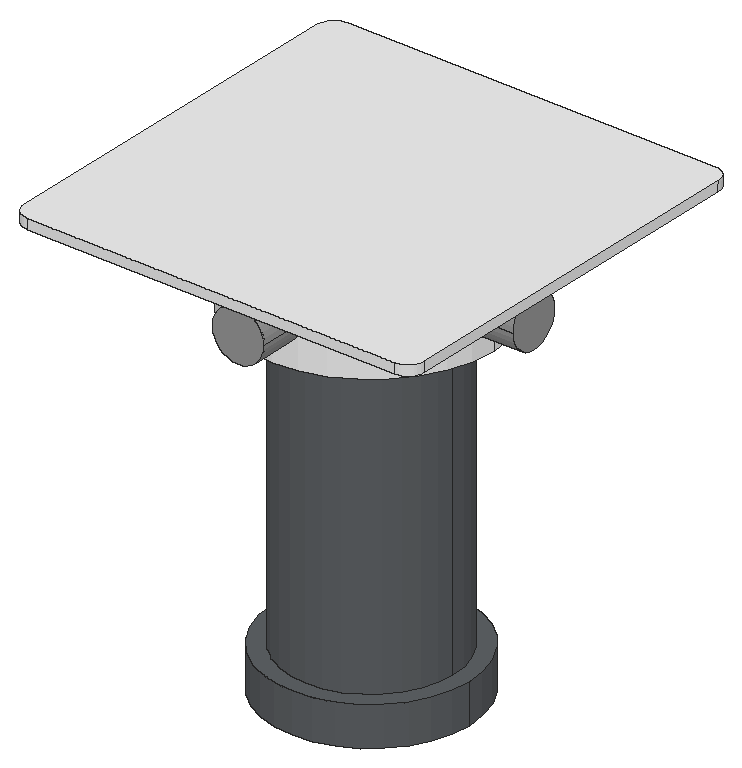
Revit family "KEUCO_59556000070_", category Generic Models, Revit 2016
Family settings
  Part Type = Normal
  Can host rebar = No
  Round Connector Dimension = Use Diameter
  Work Plane-Based = Yes
  Always vertical = No
  Cut with Voids When Loaded = No
  Shared = No
  Room Calculation Point = No
Parameters (values of type "59556000070")
  Verwendung = "DU / WA / ZU"  # constant formula
  Preisgruppe = ""
  Kategorie = "ARM\r\nARM\r\nARM"
  Gewicht = 0
  Breite = 45 mm
  URL = "https://www.keuco.com/de/produkte/sortiment/artikel/?pid=59556&oid=11&pgo=9&country=de&lang=de&vid=59556000070"
  Materialien bei Hersteller anfragen = "Anfrage zu:  objektmanagement@keuco.de"
  Description = "Grundkörper für Wandeinbau,\r\nEinbautiefe 80 - 110 mm"
  Default Elevation = 1219.2 mm
  Serie = "Plan"  # constant formula
  Material = Stahl, verchromt
  Manufacturer = "KEUCO"  # constant formula
  Assembly Code = ""
  Ausschreibungstext = "KEUCO IXMO UP Funktionseinheit für 2-Wege \r\nAb- und Umstellventil DN15, 59556000070\r\nschallentkoppelter Grundkörper aus entzinkungsarmen Messing\r\nfür den Wandeinbau, frei positionierbar,\r\nEinbautiefe von 80 – 110 mm, \r\nGrundplatte mit Einstellschrauben \r\nzur optimalen Ausrichtung, \r\nAnschlüsse G 1/2 Zoll mit farblicher Kennzeichnung,\r\nHinweis: passend zu Artikel-Nr.\r\n59556010001, 59556010002\r\n59557010001, 59557010002\r\n59556011001, 59556011002\r\n59557011001, 59557011002"
  Artikelnummer = "59556000070"
Reference planes
  plane 1 "Center (Front/Back)": y = 0
  plane 2: z = 0
  plane 3 "Center (Left/Right)": x = 0
Forms (mm)
  Extrusion 1, solid, material "Stahl, verchromt" <- "Material"
    sketch origin (0, 16.5, -23) x (1, 0, 0) y (0, 1, 0)
      loop
        circle (0.019, -16.484) r 37.5
    from -7 to 20
  Extrusion 2, solid, material "Stahl, verchromt" <- "Material"
    sketch origin (0, 16.5, 0) x (0, 1, 0) y (-1, 0, 0)
      loop
        arc (44.5, 56) -> (43.036, 59.536) -> (39.5, 61) r 5
        line (39.5, 61) -> (-72.5, 61)
        arc (-72.5, 61) -> (-76.036, 59.536) -> (-77.5, 56) r 5
        line (-77.5, 56) -> (-77.5, -56)
        arc (-77.5, -56) -> (-76.036, -59.536) -> (-72.5, -61) r 5
        line (-72.5, -61) -> (39.5, -61)
        arc (39.5, -61) -> (43.036, -59.536) -> (44.5, -56) r 5
        line (44.5, -56) -> (44.5, 56)
    from 0 to -3
  Extrusion 3, solid, material "Schwarzgrau"
    sketch origin (0, 16.5, -145) x (0, 1, 0) y (-1, 0, 0)
      loop
        circle (-16.5, 0) r 25
    from 21.987 to 115
  Extrusion 4, solid, material "Brass, Soft Yellow, Welded"
    sketch origin (-0.559, -10.617, -32.959) x (1, 0, 0) y (0, 0, 1)
      loop
        circle (0, 15.638) r 7.801
    from 25.751 to 39.383
  Extrusion 5, solid, material "Schwarzgrau"
    sketch origin (0, 16.5, -170) x (0, 1, 0) y (-1, 0, 0)
      loop
        circle (-16.5, 0) r 30
    from 46.987 to 35
  Extrusion 6, solid, material "Brass, Soft Yellow, Welded"
    sketch origin (10.617, -0.559, -32.959) x (0, 1, 0) y (0, 0, 1)
      loop
        circle (0, 15.638) r 7.801
    from 25.751 to 39.383
  Extrusion 7, solid, material "Brass, Soft Yellow, Welded"
    sketch origin (-0.559, 10.617, -32.959) x (1, 0, 0) y (0, 0, -1)
      loop
        circle (0, -15.638) r 7.801
    from 25.751 to 39.383
Dimensions and locks
  Extrusion 1 to Extrusion 1 = 27 mm
  aligned and locked: level to plane 2
